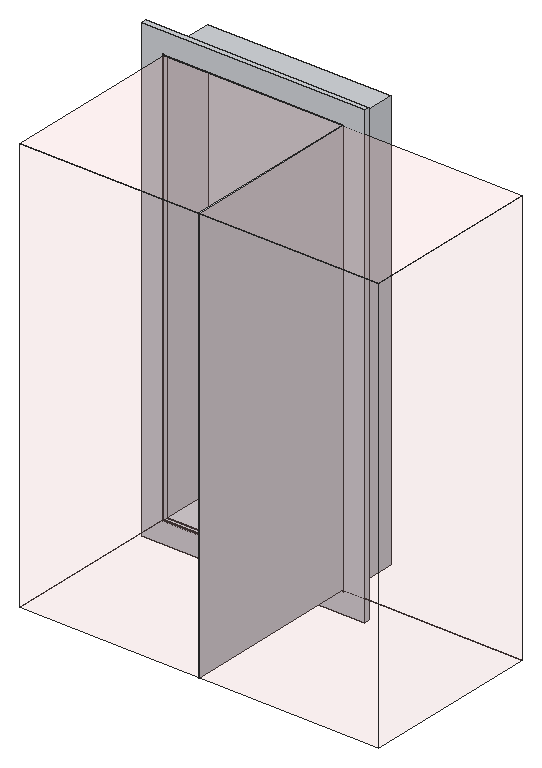
Revit family "Hager-VOLTA-Hollow_wall-IP30-With_Cover-Without_DIN-NoHosted-SE-en", category Electrical Equipment, Revit 2023
Family settings
  Panel Configuration = Two Columns, Circuits Across
  Round Connector Dimension = Use Diameter
  Part Type = Panelboard
  Work Plane-Based = Yes
  Always vertical = Yes
  Cut with Voids When Loaded = No
  Maintain Annotation Orientation = No
  Shared = No
  Room Calculation Point = No
Parameters (values of type "VOLTA-Hollow_wall_W348_H755_D98_12_Modular_Spacing-VH48NW")
  Width Control [instance] = if([HG000006-Flush mounted], if([EF000846 - Built-in width] > min_whd, [EF000846 - Built-in width], min_whd), if([EF000008 - Width] > min_whd, ([EF000008 - Width]), min_whd))  # 314.5 mm
  Void Depth [instance] = if([EF000218 - Built-in depth] > 1 mm, [EF000218 - Built-in depth], 1 mm)  # 89 mm
  Uniformat code = "D501001"
  Uniformat = "Low Tension Service & Dist."
  Référence = ""
  HG000131 - Functional label [instance] = ""
  HG000130 - Functional name [instance] = ""
  HG000099-Onfly Template ID = "507532"
  HG000059-Operating voltage [instance] = 230 V
  ETIM class name = "Small distribution board"
  ETIM class code = "EC000214"
  EF015941 - Signal passing door = no
  EF015777 - Neutral terminal block = no
  EF015776 - Earthing terminal block = no
  EF009212 - Cover model = "With notch"
  EF006306 - With lock = no
  EF006244 - Transparent cover/door = no
  EF005474 - Degree of protection (IP) = "IP30"
  EF004462 - Type of closure = "Other"
  EF002950 - Width in number of modular spacings = 12
  EF001596 - Housing material = ""
  EF001134 - DIN-rail = no
  EF001131 - Inner depth = 0 mm
  EF001088 - Extension possible = yes
  EF001062 - EMC-version = no
  EF000846 - Built-in width = 314.5 mm
  EF000339 - Type of covering = ""
  EF000332 - Built-in height = 720 mm
  EF000266 - Number of rows = 0
  EF000218 - Built-in depth = 89 mm
  EF000118 - With mounting plate = yes
  EF000116 - RAL-number = 9010
  EF000049 - Depth = 98 mm
  EF000040 - Height = 755 mm
  EF000008 - Width = 348 mm
  EF000007 - Colour = "White"
  EF000003 - Mounting method = "Hollow wall"
  EF004464 - Type of door = ""
  EF000024 - UV resistant = no
  Type Comments = ""
  System Height [instance] = Height Control - 2 * [HG000005-Thickness]  # 446 mm
  Reference description = ""
  Reference = "VOLTA-Hollow_wall_W348_H755_D98_12_Modular_Spacing-VH48NW"
  Panel Name [instance] = ""  # (empty or 0)
  Offset [instance] = 0 mm
  Object type = ""
  Name hager = "ADD_Enclosures_EC000214"
  Name BIM&CO = "Electricity"
  Name = "VOLTA-Hollow_wall-IP30-With_Cover-Without_DIN-SE"
  Model = ""
  Level Offset [instance] = [Flush Mounted - Door Frame Width] + Offset  # 50 mm
  HGEF002950-Width in number of modular spacings = 12
  HGEF000266-Number of rows = 0
  HG000060-RAL-number = "9010"
  HG000017-Distance between poles = 18 mm
  HG000016-Door 3D visibility = yes
  HG000015-Clearance visibility = yes
  HG000014-Door on the right = yes
  HG000013-Door on the left = not([HG000014-Door on the right])  # no
  HG000012-Door swing angle = 90.00°
  HG000011-Empty rows from bottom = no
  HG000010-Asymmetric doors = no
  HG000009-Double swing door = no
  HG000008-Number of empty rows = 0
  HG000007-Number of empty columns = 0
  HG000006-Flush mounted = yes
  HG000005-Thickness = 2 mm
  HG000004-Manufacturer reference = "VH48NW"
  HG000003-Range = "VOLTA"
  HG000002-With door or cover = yes
  HG000001-Number of columns = 0
  GTIN (Global Trade Item Number) = ""
  Description = ""
  Default Elevation = 1200 mm
  Creation Date = "12/15/2025 21:48:43"
  Code hager = "ADD-EC000214_EU"
  Code Uniformat = ""
  BIM&CO code = ""
  BC_VARIANT_ID = "1174441"
  BC_OBJECT_VERSION = "#1"  # constant formula
  BC_OBJECT_ID = "513510"  # constant formula
  BC_MODEL_ID = "1547280"  # constant formula
  BC_METADATA = "{\"ObjectGuid\":\"bc35c96e-cb38-443e-833d-0616858cb9ac\",\"ModelGuid\":\"8af03f69-2293-4735-a617-cc53adf55621\",\"VariantGuid\":\"8b6e323b-1b53-409a-a940-11b5a7fc5337\",\"Revision\":\"#4\",\"VariantName\":\"Template-Enclosure_EU-EC000214\"}"
  Arrow Offset [instance] = Depth Control / 8  # 18.75 mm
  Arrow Height [instance] = Depth Control - Arrow Offset  # 131.25 mm
  Host Offset [instance] = if([HG000006-Flush mounted], 0 mm, [EF000049 - Depth])  # 0 mm
  min_whd [instance] = (2 * [HG000005-Thickness]) + 1 mm  # 5 mm
  Manufacturer = "Hager"  # constant formula
  Height Control [instance] = if([HG000006-Flush mounted], if([EF000332 - Built-in height] > min_whd, [EF000332 - Built-in height], min_whd), if([EF000040 - Height] > min_whd, ([EF000040 - Height]), min_whd))  # 720 mm
  Flush Mounted - Door Frame Width [instance] = if(([EF000040 - Height] - [EF000332 - Built-in height]) > 0 mm, if([HG000006-Flush mounted], [EF000040 - Height] - [EF000332 - Built-in height], 0 mm), 0 mm)  # 35 mm
  Depth Control [instance] = if([HG000006-Flush mounted], if([EF000218 - Built-in depth] > 0 mm, [EF000218 - Built-in depth], 1 mm), if([EF000049 - Depth] > 0 mm, ([EF000049 - Depth]), 1 mm))  # 89 mm
Types (6, lengths in mm): name | EF015941 - Signal passing door | EF000332 - Built-in height | EF000040 - Height | Reference | HG000004-Manufacturer reference | BC_VARIANT_ID | Height Control
  VOLTA-Hollow_wall_W348_H630_D98_12_Modular_Spacing-VH36NW | no | 595 | 630 | "VOLTA-Hollow_wall_W348_H630_D98_12_Modular_Spacing-VH36NW" | "VH36NW" | "1174439" | 595
  VOLTA-Hollow_wall_W348_H630_D98_12_Modular_Spacing-VH36WWH | yes | 595 | 630 | "VOLTA-Hollow_wall_W348_H630_D98_12_Modular_Spacing-VH36WWH" | "VH36WWH" | "1174440" | 595
  VOLTA-Hollow_wall_W348_H755_D98_12_Modular_Spacing-VH48NW | no | 720 | 755 | "VOLTA-Hollow_wall_W348_H755_D98_12_Modular_Spacing-VH48NW" | "VH48NW" | "1174441" | 720
  VOLTA-Hollow_wall_W348_H755_D98_12_Modular_Spacing-VH48WWH | yes | 720 | 755 | "VOLTA-Hollow_wall_W348_H755_D98_12_Modular_Spacing-VH48WWH" | "VH48WWH" | "1174442" | 720
  VOLTA-Hollow_wall_W348_H880_D98_12_Modular_Spacing-VH60NW | no | 845 | 880 | "VOLTA-Hollow_wall_W348_H880_D98_12_Modular_Spacing-VH60NW" | "VH60NW" | "1174444" | 845
  VOLTA-Hollow_wall_W348_H880_D98_12_Modular_Spacing-VH60WWH | yes | 845 | 880 | "VOLTA-Hollow_wall_W348_H880_D98_12_Modular_Spacing-VH60WWH" | "VH60WWH" | "1174445" | 845
Reference planes
  plane 1 "Center (Front/Back)": y = 0
  plane 2: z = 0
  plane 3 "Center (Left/Right)": x = 0
  plane 4: y = 37
  plane 5: y = 89
  plane 6: y = 35
  plane 7: z = 0
  plane 8: x = -157.25
  plane 9: x = 157.25
  plane 10: x = 155.25
  plane 11: x = -155.25
  plane 12: z = 50
  plane 13: z = 52
  plane 14: y = 5
  plane 15: y = 0
  plane 16: y = 87
  plane 17: z = 768
  plane 18: z = 770
  plane 19: z = 410
  plane 20: x = 0
  plane 21: y = -100
  plane 22 "Annotation H": y = -300
  plane 23 "Annotation V": x = 357.25
Forms (mm)
  Extrusion 1, solid
    sketch origin (-208.679, -4572, 50) x (-1, 0, 0) y (0, -1, 0)
      loop
        line (-51.429, -4572) -> (-365.929, -4572) -> (-365.929, -4661) -> (-51.429, -4661) -> (-51.429, -4572)
    from 0 to 720 <- "Height Control"
  Extrusion 2, void
    sketch origin (-350.771, 0, 1219.2) x (1, 0, 0) y (0, 0, 1)
      loop
        line (195.521, -451.2) -> (195.521, -1167.2) -> (506.021, -1167.2) -> (506.021, -451.2) -> (195.521, -451.2)
    from 0 to -87
  Extrusion 3, solid, detail levels coarse+medium
    sketch origin (-350.771, 0, 1219.2) x (-1, 0, 0) y (0, 0, 1)
      loop
        line (-195.521, -451.2) -> (-506.021, -451.2) -> (-506.021, -1167.2) -> (-195.521, -1167.2) -> (-195.521, -451.2)
    from 0 to 2 <- "HG000005-Thickness"
Cuts and joins
  Extrusion 2 cuts Extrusion 1
Dimensions and locks
  "Flush Mounted - Door Frame Width": plane 1 "Center (Front/Back)" to plane 6
  "HG000005-Thickness": plane 4 to plane 6
  "HG000005-Thickness": plane 8 to plane 11
  "HG000005-Thickness": plane 9 to plane 10
  equal spacing: plane 8, plane 3 "Center (Left/Right)", plane 9
  "Width Control": plane 8 to plane 9
  locked: plane 14 to plane 15 at 5
  "Host Offset": plane 1 "Center (Front/Back)" to plane 15
  "Depth Control": plane 5 to plane 15
  "HG000005-Thickness": plane 5 to plane 16
  "HG000005-Thickness": plane 13 to plane 12
  "Level Offset": plane 12 to level
  "HG000005-Thickness": plane 18 to plane 17
  "Height Control": plane 18 to plane 12
  "Arrow Offset": plane 5 to nested 4
  equal spacing: plane 18, plane 19, plane 12
  locked: connector elem to plane 19
  locked: connector elem to plane 3 "Center (Left/Right)"
  Extrusion 2 sketch curve to Extrusion 2 sketch curve to plane 9 = 310.5 mm, 2 mm
  locked: plane 9 to plane 23 "Annotation V" at 200
  locked: plane 22 "Annotation H" to plane 1 "Center (Front/Back)" at 300
  aligned and locked: nested 1 to plane 14
  aligned and locked: plane 3 "Center (Left/Right)" to nested 1
  aligned and locked: plane 3 "Center (Left/Right)" to nested 2
  aligned and locked: nested 2 to plane 15
  aligned and locked: plane 5 to Extrusion 1
  aligned and locked: Extrusion 3 sketch curve to plane 17
  aligned and locked: Extrusion 3 sketch curve to plane 11
  aligned and locked: plane 13 to Extrusion 3 sketch curve
  aligned and locked: Extrusion 3 sketch curve to plane 10
  aligned and locked: plane 13 to Extrusion 2 sketch curve
  aligned and locked: Extrusion 2 sketch curve to plane 17
  aligned and locked: plane 16 to Extrusion 2
  aligned and locked: plane 5 to Extrusion 1 sketch curve
  aligned and locked: plane 9 to Extrusion 1 sketch curve
  aligned and locked: plane 8 to Extrusion 1 sketch curve
  aligned and locked: plane 8 to nested 4
  aligned and locked: plane 8 to nested 3
  aligned and locked: nested 3 to plane 5
  aligned and locked: Extrusion 1 sketch curve to plane 15
  aligned and locked: Extrusion 2 to plane 15
  aligned and locked: nested 5 to plane 22 "Annotation H"
  aligned and locked: plane 23 "Annotation V" to nested 5
  aligned and locked: plane 11 to Extrusion 2
  aligned and locked: plane 10 to Extrusion 2
Nested families
  nested 1: "Hager_Enclosure_System" at (0, 5, 52), Flush_Mounted <- "HG000006-Flush mounted", Height <- "System Height", Width_Control <- "Width Control", Row_Module_Multiplicator <- "HGEF002950-Width in number of modular spacings", Empty_Columns <- "HG000007-Number of empty columns", Border <- "HG000005-Thickness", Total_No_Empty_Rows <- "HG000008-Number of empty rows", Depth <- "HG000005-Thickness", Empty_Rows_From_Bottom <- "HG000011-Empty rows from bottom", Distance_Between_Poles <- "HG000017-Distance between poles", Rows_Count <- "HGEF000266-Number of rows", Columns_Count <- "HG000001-Number of columns", Built-in_Width <- "EF000846 - Built-in width", Width <- "EF000008 - Width", type "Hager_Enclosure_System", detail levels medium+fine
    with Width_Control 314.5 mm, Width 348 mm, Total_No_Rows 0, Total_No_Empty_Rows 0, Total_No_Columns 1, System_Width 310.5 mm, Rows_Count 0, Rows_Column 0, Row_Module_Multiplicator 12, Panel_4 no, Panel_3 no, Panel_2 no, Panel_1 no, No_Panels_Ctrl 1, Hide_Columns yes, Height 446 mm, Flush_Mounted yes, Empty_Rows_From_Bottom no, Empty_Rows_Column 0, Empty_Columns 0, Empty column 4 0, Empty column 3 0, Empty column 2 0, Empty column 1 0, Distance_Between_Poles 18 mm, Depth 2 mm, Columns_Count 0, Column_Width 310.5 mm, Built-in_Width 314.5 mm, Border 2 mm
  nested 2: "Hager_Enclosure_Door" at (0, 0, 50), Double <- "HG000009-Double swing door", Height_Ctrl <- "Height Control", Angle <- "HG000012-Door swing angle", Door_Right <- "HG000014-Door on the right", Assymetrical <- "HG000010-Asymmetric doors", Flush_Mounted <- "HG000006-Flush mounted", Door <- "HG000002-With door or cover", Width_Ctrl <- "Width Control", 3d_Door <- "HG000016-Door 3D visibility", Border <- "HG000005-Thickness", Clearance <- "HG000015-Clearance visibility", Door_Left <- "HG000013-Door on the left", BuiltIn_Depth <- "EF000218 - Built-in depth", Depth <- "EF000049 - Depth", BuiltIn_Width <- "EF000846 - Built-in width", Height <- "EF000040 - Height", BuiltIn_Height <- "EF000332 - Built-in height", Width <- "EF000008 - Width", Transparent <- "EF006244 - Transparent cover/door", type "Hager_Enclosure_Door", detail levels medium+fine
    with min_wh 5 mm, Width_Ctrl 314.5 mm, Width 348 mm, Transparent_Door_No_Bottom_Border no, Transparent no, Leaf_Width 307.5 mm, Leaf_Tolerance 1.5 mm, Leaf_Height 713 mm, Leaf_2_Width 307.5 mm, Leaf_2_Offset 153.75 mm, Leaf_1_Width 307.5 mm, Leaf_1_Offset 153.75 mm, Height_Ctrl 720 mm, Height 755 mm, Frame_Width_Ctrl 33.5 mm, Frame_Width 33.5 mm, Frame_Internal_Offset 2 mm, Frame_Height_Ctrl 35 mm, Frame_Height 35 mm, Frame_Depth_Ctrl 9 mm, Frame_Depth 9 mm, Flush_Mounted yes, Double_Clearance_Ctrl no, Double no, Door_Right_Ctrl yes, Door_Right yes, Door_Left_Ctrl no, Door_Left no, Door yes, Depth 98 mm, Clearance_Depth 307.5 mm, Clearance_Ctrl yes, Clearance yes, BuiltIn_Width 314.5 mm, BuiltIn_Height 720 mm, BuiltIn_Depth 89 mm, Border 2 mm, Assymetrical no, Angle 90.00°, 3d_Door yes
  nested 3: "Hager_Enclosure_Symbol_Triangle" at (-157.25, 89, 0), Depth <- "Depth Control", Width <- "Width Control", type "Hager_Enclosure_Symbol_Triangle"
    with Width_Ctrl 314.5 mm, Width 314.5 mm, Depth_Ctrl 89 mm, Depth 89 mm
  nested 4: "Hager_Enclosure_Symbol_Arrow" at (-157.25, 70.25, 0), Height <- "Arrow Height", type "Hager_Enclosure_Symbol_Arrow"
    with Width_Inside 9.844 mm, Width 118.125 mm, Height_Ctrl 131.25 mm, Height 131.25 mm
  nested 5: "Hager_Annotation-HG000130" at (357.25, -300, 0), HG000130 - Functional name <- "HG000130 - Functional name", type "Hager_Annotation-HG000130"
    with HG000130 - Functional name ""
Connectors
  electrical at (0, 89, 410), driven by "HG000059-Operating voltage"
    settings: on plane 5, index 1, voltage 230 V, apparent load 0 VA, apparent load phase1 0 VA, apparent load phase2 0 VA, apparent load phase3 0 VA, power factor 1, load classification "Other", number of poles 1, system type 30, power factor state 1, is connector primary yes, connector utility no, sub classification motor no, connector description ""
Definition of nested family "Hager_Enclosure_Door"
  Parameters (values of type "Hager_Enclosure_Door")
    min_wh [instance] = (2 * Border) + 1 mm  # 11 mm
    Width_Ctrl [instance] = 400 mm
    Width [instance] = 500 mm
    Transparent_Door_No_Bottom_Border [instance] = no
    Transparent [instance] = yes
    Leaf_Width [instance] = if((Width_Ctrl - 2 * Border - 2 * Leaf_Tolerance) > 0 mm, (Width_Ctrl - 2 * Border - 2 * Leaf_Tolerance), min_wh)  # 387 mm
    Leaf_Tolerance [instance] = 1.5 mm  # constant formula
    Leaf_Height [instance] = if((Height_Ctrl - 2 * Border - 2 * Leaf_Tolerance) > 0 mm, (Height_Ctrl - 2 * Border - 2 * Leaf_Tolerance), min_wh)  # 387 mm
    Leaf_2_Width [instance] = if(and(and(Double, Assymetrical), Door_Left), (Leaf_Width / 3) - (Leaf_Tolerance / 2), if(and(and(Double, Assymetrical), Door_Right), (Leaf_Width / 3) * 2 - (Leaf_Tolerance / 2), if(and(Double, not(Assymetrical)), (Leaf_Width / 2) - Leaf_Tolerance, Leaf_Width)))  # 387 mm
    Leaf_2_Offset [instance] = if(and(Double, Assymetrical), Leaf_2_Width / 2, if(and(Double, not(Assymetrical)), Leaf_Width / 4, Leaf_Width / 2))  # 193.5 mm
    Leaf_1_Width [instance] = if(and(and(Double, Assymetrical), Door_Right), (Leaf_Width / 3) - (Leaf_Tolerance / 2), if(and(and(Double, Assymetrical), Door_Left), (Width / 3) * 2 - (Leaf_Tolerance / 2), if(and(Double, not(Assymetrical)), (Leaf_Width / 2) - Leaf_Tolerance, Leaf_Width)))  # 387 mm
    Leaf_1_Offset [instance] = if(and(Double, Assymetrical), Leaf_1_Width / 2, if(and(Double, not(Assymetrical)), Leaf_Width / 4, Leaf_Width / 2))  # 193.5 mm
    Height_Ctrl [instance] = 400 mm
    Height [instance] = 500 mm
    Frame_Width_Ctrl [instance] = if(Frame_Width > 0 mm, Frame_Width, 1 mm)  # 1 mm
    Frame_Width [instance] = Width - BuiltIn_Width  # 0 mm
    Frame_Internal_Offset [instance] = if(Flush_Mounted, Border, 0 mm)  # 5 mm
    Frame_Height_Ctrl [instance] = if(Frame_Height > 0 mm, Frame_Height, 1 mm)  # 1 mm
    Frame_Height [instance] = Height - BuiltIn_Height  # 0 mm
    Frame_Depth_Ctrl [instance] = if(Frame_Depth > 0 mm, Frame_Depth, 1 mm)  # 1 mm
    Frame_Depth [instance] = if(Depth - BuiltIn_Depth > 0 mm, if(Flush_Mounted, Depth - BuiltIn_Depth, 0 mm), 0 mm)  # 0 mm
    Flush_Mounted [instance] = yes
    Double_Clearance_Ctrl [instance] = and(Double, Clearance)  # no
    Double [instance] = no
    Door_Right_Ctrl [instance] = and(or(Door_Right, Double), Door)  # yes
    Door_Right [instance] = yes
    Door_Left_Ctrl [instance] = and(or(Door_Left, Double), Door)  # no
    Door_Left [instance] = no
    Door [instance] = yes
    Depth [instance] = 500 mm
    Default Elevation = 1219.2 mm
    Clearance_Material = none
    Clearance_Depth [instance] = if(Leaf_1_Width > Leaf_2_Width, Leaf_1_Width, Leaf_2_Width)  # 387 mm
    Clearance_Ctrl [instance] = and(not(Double), Clearance)  # yes
    Clearance [instance] = yes
    BuiltIn_Width [instance] = 500 mm
    BuiltIn_Height [instance] = 500 mm
    BuiltIn_Depth [instance] = 500 mm
    Border [instance] = 5 mm
    Assymetrical [instance] = yes
    Angle [instance] = 30.00°
    3d_Door [instance] = yes
  Reference planes
    plane 1 "Center (Front/Back)": y = 0
    plane 2 "Bottom": z = 0
    plane 3 "Center (Left/Right)": x = 0
    plane 4: z = 400
    plane 5: x = -200
    plane 6: x = 200
    plane 7: z = 395
    plane 8: x = -195
    plane 9: z = 5
    plane 10: x = 195
    plane 11: y = 0
    plane 12: z = 6.5
    plane 13: x = -582
    plane 14: y = -387
    plane 15: x = 582
    plane 16: x = 0
    plane 17: x = 0
    plane 18: x = -193.5
    plane 19: x = 193.5
    plane 20: z = 393.5
  Forms (mm)
    Extrusion 1, solid, visible <- "Flush_Mounted"
      sketch origin (0, 0, 0) x (1, 0, 0) y (0, 0, 1)
        loop
          line (195, 5) -> (195, 395) -> (-195, 395) -> (-195, 5) -> (195, 5)
        loop
          line (-201, 401) -> (-201, -1) -> (201, -1) -> (201, 401) -> (-201, 401)
      from 0 to 1 <- "Frame_Depth_Ctrl"
    Extrusion 2, solid, material <- "Clearance_Material", visible <- "Double_Clearance_Ctrl"
      sketch origin (1200, 0, 0) x (1, 0, 0) y (0, 0, -1)
        loop
          line (-1782, -393.5) -> (-618, -393.5) -> (-618, 0) -> (-1782, 0) -> (-1782, -393.5)
      from 0 to -387
  Dimensions and locks
    equal spacing: plane 5, plane 3 "Center (Left/Right)", plane 6
    "Width_Ctrl": plane 5 to plane 6
    "Border": plane 5 to plane 8
    "Border": plane 6 to plane 10
    "Border": plane 9 to level
    "Border": plane 4 to plane 7
    "Height_Ctrl": plane 4 to level
    "Leaf_Tolerance": plane 12 to plane 9
    "Frame_Depth": plane 11 to plane 1 "Center (Front/Back)"
    "Frame_Width_Ctrl": plane 5 to Extrusion 1 sketch curve
    "Frame_Width_Ctrl": plane 6 to Extrusion 1 sketch curve
    "Frame_Width_Ctrl": Extrusion 1 sketch curve to plane 4
    "Frame_Width_Ctrl": plane 2 "Bottom" to Extrusion 1 sketch curve
    "Leaf_1_Offset": plane 18 to plane 16
    "Leaf_2_Offset": plane 17 to plane 19
    "Leaf_1_Width": plane 13 to plane 8
    "Leaf_2_Width": plane 10 to plane 15
    "Clearance_Depth": plane 14 to plane 1 "Center (Front/Back)"
    "Leaf_Tolerance": plane 8 to plane 18
    "Leaf_Tolerance": plane 19 to plane 10
    "Leaf_Tolerance": plane 7 to plane 20
    "Frame_Internal_Offset": plane 5 to Extrusion 1 sketch curve
    "Frame_Internal_Offset": Extrusion 1 sketch curve to plane 2 "Bottom"
    "Frame_Internal_Offset": plane 6 to Extrusion 1 sketch curve
    "Frame_Internal_Offset": plane 4 to Extrusion 1 sketch curve
    aligned and locked: level to plane 2 "Bottom"
    aligned and locked: nested 1 to plane 16
    aligned and locked: nested 2 to plane 17
    aligned and locked: Extrusion 2 to plane 13
    aligned and locked: plane 15 to Extrusion 2
    aligned and locked: Extrusion 2 to plane 14
    aligned and locked: plane 12 to nested 1
    aligned and locked: nested 2 to plane 12
    aligned and locked: Extrusion 2 to plane 11
    aligned and locked: plane 20 to Extrusion 2
    aligned and locked: nested 2 to plane 11
    aligned and locked: nested 1 to plane 11
  Automatic sketch dimensions
    Extrusion 2 sketch curve to level = 0 mm
    plane 5 to Extrusion 2 sketch curve = 382 mm
    plane 6 to Extrusion 2 sketch curve = 382 mm
    Extrusion 2 sketch curve to plane 4 = 6.5 mm
  Nested families
    nested 1: "Hager_Enclosure_Door_Leaf" at (0, 0, 6.5), Width <- "Leaf_1_Width", visible <- "Door_Left_Ctrl", Leaf_Height <- "Leaf_Height", Angle <- "Angle", Depth <- "Border", 3d_Door <- "3d_Door", Transparent <- "Transparent", Clearance Material <- "Clearance_Material", Clearance <- "Clearance_Ctrl", Transparent_Door_No_Bottom_Border <- "Transparent_Door_No_Bottom_Border", type "Hager_Enclosure_Door_Leaf"
      with Width 387 mm, Transparent_Door_No_Bottom_Border no, Transparent_Door_Border_Bottom_Top 25 mm, Transparent_Door_Border 25 mm, Transparent_Ctrl yes, Transparent yes, Standard no, Leaf_Height 387 mm, Glass_Offset 1 mm, Depth 5 mm, Clearance Material none, Clearance yes, Angle_Ctrl 30.00°, Angle 30.00°, 3d_Door yes
    nested 2: "Hager_Enclosure_Door_Leaf" at (0, 0, 6.5) x (-1, 0, 0) z (0, 0, 1), Width <- "Leaf_2_Width", visible <- "Door_Right_Ctrl", Leaf_Height <- "Leaf_Height", Angle <- "Angle", Depth <- "Border", 3d_Door <- "3d_Door", Transparent <- "Transparent", Clearance Material <- "Clearance_Material", Clearance <- "Clearance_Ctrl", Transparent_Door_No_Bottom_Border <- "Transparent_Door_No_Bottom_Border", type "Hager_Enclosure_Door_Leaf"
      with Width 387 mm, Transparent_Door_No_Bottom_Border no, Transparent_Door_Border_Bottom_Top 25 mm, Transparent_Door_Border 25 mm, Transparent_Ctrl yes, Transparent yes, Standard no, Leaf_Height 387 mm, Glass_Offset 1 mm, Depth 5 mm, Clearance Material none, Clearance yes, Angle_Ctrl 30.00°, Angle 30.00°, 3d_Door yes
  Definition of nested family "Hager_Enclosure_Door_Leaf"
    Parameters (values of type "Hager_Enclosure_Door_Leaf")
      Width [instance] = 2000 mm
      Transparent_Door_No_Bottom_Border [instance] = yes
      Transparent_Door_Border_Bottom_Top [instance] = if(Transparent_Door_No_Bottom_Border, 0.1 mm, Transparent_Door_Border)  # 0.1 mm
      Transparent_Door_Border [instance] = if(Transparent_Door_No_Bottom_Border, (Width * 0.12), 25 mm)  # 240 mm
      Transparent_Ctrl [instance] = and(Transparent, [3d_Door])  # yes
      Transparent [instance] = yes
      Standard [instance] = and(not(Transparent), [3d_Door])  # no
      Leaf_Height [instance] = 2720.336 mm
      Glass_Offset [instance] = if((Depth - 10 mm) / 2 > 0 mm, (Depth - 10 mm) / 2, 1 mm)  # 15 mm
      Glass_Material = none
      Depth [instance] = 40 mm
      Default Elevation = 0 mm
      Clearance Material [instance] = none
      Clearance [instance] = yes
      Angle_Ctrl [instance] = if(Angle > 170.00°, 170.00°, Angle)  # 45.00°
      Angle [instance] = 45.00°
      3d_Door [instance] = yes
    Reference planes
      plane 1 "Center (Front/Back)": y = 0
      plane 2: z = 0
      plane 3 "Center (Left/Right)": x = 0
      plane 4: y = 2000
      plane 5: x = -1000
      plane 6: x = 1000
      plane 7: x = -3000
      plane 8: z = 2720.336
      plane 9: z = 0.1
      plane 10: z = 2720.236
      plane 11: x = 760
      plane 12: x = -760
    Forms (mm)
      Extrusion 1, solid, material <- "Clearance Material", visible <- "Clearance"
        sketch origin (0, 0, 0) x (1, 0, 0) y (0, 0, 1)
          loop
            line (-3000, 2720.336) -> (-3000, 0) -> (1000, 0) -> (1000, 2720.336) -> (-3000, 2720.336)
        from 0 to -2000
      Extrusion 2, solid, visible <- "Standard", detail levels medium+fine
        sketch origin (-1000, 0, 0) x (0.707107, 0.707107, 0) y (-0.707107, 0.707107, 0)
          loop
            line (0, -40) -> (2000, -40) -> (2000, 0) -> (0, 0) -> (0, -40)
        from 0 to 2720.336 <- "Leaf_Height"
      Extrusion 3, solid, visible <- "Transparent_Ctrl", detail levels medium+fine
        sketch origin (-1000, 0, 0) x (0.707107, 0.707107, 0) y (-0.707107, 0.707107, 0)
          loop
            line (0, -40) -> (2000, -40) -> (2000, 0) -> (0, 0) -> (0, -40)
        from 0 to 2720.336 <- "Leaf_Height"
      Extrusion 4, void, detail levels medium+fine
        sketch origin (-1000, 0, 0) x (-0.707107, 0.707107, 0) y (0.707107, 0.707107, 0)
          loop
            line (0, 240) -> (0, 1760) -> (-40, 1760) -> (-40, 240) -> (0, 240)
        from -2720.236 to -0.1
      Extrusion 5, solid, material <- "Glass_Material", visible <- "Transparent_Ctrl", detail levels medium+fine
        sketch origin (-1000, 0, 0) x (0.707107, 0.707107, 0) y (-0.707107, 0.707107, 0)
          loop
            line (240, -15) -> (240, -25) -> (1760, -25) -> (1760, -15) -> (240, -15)
        from 0.1 to 2720.236
    Cuts and joins
      Extrusion 4 cuts Extrusion 3
    Lines and regions (mm)
      symbolic lines
        curve 1: line (1000, 0, 0) -> (-3000, 0, 0)
        curve 2: arc (1000, 0, 0) -> (-1000, 2000, 0) -> (-3000, 0, 0) r 2000
        curve 4: line (-1000, 0, 0) -> (414.214, 1414.214, 0)
      reference lines
        curve 3: line (-1000, 0, 0) -> (414.214, 1414.214, 0)
      symbolic lines, detail levels medium+fine
        curve 5: line (414.214, 1414.214, 0) -> (442.498, 1385.929, 0)
        curve 6: line (442.498, 1385.929, 0) -> (-971.716, -28.284, 0)
        curve 7: line (-971.716, -28.284, 0) -> (-1000, 0, 0)
        curve 8: line (-1000, 0, 2720.336) -> (1000, 0, 2720.336)
        curve 9: line (-1000, 0, 0) -> (-1000, 0, 2720.336)
        curve 10: line (1000, 0, 0) -> (-1000, 0, 0)
        curve 11: line (1000, 0, 2720.336) -> (1000, 0, 0)
      symbolic lines, visible <- "Transparent_Ctrl", detail levels medium+fine
        curve 12: line (-760, 0, 2720.236) -> (760, 0, 2720.236)
        curve 13: line (-760, 0, 0.1) -> (-760, 0, 2720.236)
        curve 14: line (760, 0, 0.1) -> (-760, 0, 0.1)
        curve 15: line (760, 0, 2720.236) -> (760, 0, 0.1)
    Dimensions and locks
      "Width": plane 1 "Center (Front/Back)" to plane 4
      equal spacing: plane 5, plane 3 "Center (Left/Right)", plane 6
      "Width": plane 5 to plane 6
      "Width": plane 7 to plane 5
      "Leaf_Height": plane 8 to level
      "Depth": curve 6 to curve 3
      "Width": curve 5 to curve 3
      "Width": curve 3 to curve 3
      "Transparent_Door_Border": Extrusion 4 sketch curve to curve 7
      "Transparent_Door_Border": Extrusion 4 sketch curve to curve 5
      "Transparent_Door_Border_Bottom_Top": plane 8 to plane 10
      "Transparent_Door_Border_Bottom_Top": plane 9 to level
      "Glass_Offset": Extrusion 5 sketch curve to curve 4
      "Glass_Offset": Extrusion 5 sketch curve to curve 6
      "Transparent_Door_Border": Extrusion 5 sketch curve to curve 5
      "Transparent_Door_Border": Extrusion 5 sketch curve to curve 7
      "Transparent_Door_Border": plane 12 to plane 5
      "Transparent_Door_Border": plane 6 to plane 11
      "Angle_Ctrl": angle plane 1 "Center (Front/Back)" to curve 3
      aligned and locked: level to plane 2
      aligned and locked: Extrusion 1 to curve 1
      aligned and locked: plane 6 to Extrusion 1
      aligned and locked: Extrusion 1 to plane 1 "Center (Front/Back)"
      aligned and locked: plane 4 to Extrusion 1
      aligned and locked: plane 8 to Extrusion 1
      aligned and locked: curve 4 to curve 3
      aligned and locked: Extrusion 2 sketch curve to curve 7
      aligned and locked: Extrusion 2 sketch curve to curve 6
      aligned and locked: Extrusion 2 sketch curve to curve 5
      aligned and locked: Extrusion 2 sketch curve to curve 3
      aligned and locked: curve 7 to Extrusion 3 sketch curve
      aligned and locked: Extrusion 3 sketch curve to curve 4
      aligned and locked: Extrusion 3 sketch curve to curve 6
      aligned and locked: Extrusion 3 sketch curve to curve 5
      aligned and locked: curve 4 to Extrusion 4 sketch curve
      aligned and locked: curve 6 to Extrusion 4 sketch curve
      aligned and locked: Extrusion 4 to plane 9
      aligned and locked: Extrusion 4 to plane 10
      aligned and locked: Extrusion 5 to plane 9
      aligned and locked: Extrusion 5 to plane 10
      aligned and locked: curve 8 to plane 8
      aligned and locked: plane 5 to curve 9
      aligned and locked: plane 2 to curve 10
      aligned and locked: curve 11 to plane 6
      aligned and locked: plane 10 to curve 12
      aligned and locked: plane 12 to curve 13
      aligned and locked: curve 14 to plane 9
      aligned and locked: plane 11 to curve 15
    Automatic sketch dimensions
      plane 1 "Center (Front/Back)" to curve 2 = 0 mm
      curve 2 to plane 5 = 0 mm
      Extrusion 1 sketch curve to level = 0 mm
      Extrusion 1 sketch curve to plane 7 = 0 mm
      Extrusion 1 sketch curve to plane 6 = 0 mm
      Extrusion 1 sketch curve to plane 8 = 0 mm
      plane 1 "Center (Front/Back)" to curve 3 = 0 mm
      curve 3 to plane 5 = 0 mm
      curve 7 to curve 3 = 0 mm
Definition of nested family "Hager_Enclosure_Symbol_Triangle"
  Parameters (values of type "Hager_Enclosure_Symbol_Triangle")
    Width_Ctrl [instance] = if(Width > 1 mm, Width, 1 mm)  # 498 mm
    Width [instance] = 498 mm
    Depth_Ctrl [instance] = if(Depth > 1 mm, Depth, 1 mm)  # 72 mm
    Depth [instance] = 72 mm
  Reference planes
    plane 1 "Centre (avant/arrière)": y = 0
    plane 2: z = 0
    plane 3 "Centre (gauche/droite)": x = 0
  Lines and regions (mm)
    Filled region 1, type "Solid_Black", in view "Niveau de réf."
      outline origin (0, 0, 0) x (1, 0, 0) y (0, 1, 0)
        loop
          line (0, 0) -> (498, 0) -> (498, 72) -> (0, 0)
    reference lines, in view "Niveau de réf."
      curve 1: line (-206.153, 72, 0) -> (1083.258, 72, 0)
      curve 2: line (498, 405.456, 0) -> (498, -517.619, 0)
  Dimensions and locks
    "Depth_Ctrl": plane 1 "Centre (avant/arrière)" to curve 1
    "Width_Ctrl": plane 3 "Centre (gauche/droite)" to curve 2
    aligned and locked: curve 1 to Filled region 1 sketch curve
    aligned and locked: Filled region 1 sketch curve to plane 1 "Centre (avant/arrière)"
    aligned and locked: curve 2 to Filled region 1 sketch curve
    aligned and locked: plane 3 "Centre (gauche/droite)" to Filled region 1 sketch curve
    aligned and locked: plane 1 "Centre (avant/arrière)" to Filled region 1 sketch curve
  Automatic sketch dimensions
    curve 1 to plane 3 "Centre (gauche/droite)" = 206.153 mm
    curve 2 to curve 1 = 585.258 mm
    plane 1 "Centre (avant/arrière)" to curve 2 = 517.619 mm
    curve 2 to plane 1 "Centre (avant/arrière)" = 405.456 mm
Definition of nested family "Hager_Enclosure_Symbol_Arrow"
  Parameters (values of type "Hager_Enclosure_Symbol_Arrow")
    Width_Inside [instance] = if(Width / 12 > 2 mm, Width / 12, 2 mm)  # 4.987 mm
    Width [instance] = if(Height_Ctrl * 0.9 > 2 mm, Height_Ctrl * 0.9, 2 mm)  # 59.85 mm
    Height_Ctrl [instance] = if(Height > 2 mm, Height, 2 mm)  # 66.5 mm
    Height [instance] = 66.5 mm
  Reference planes
    plane 1 "Centre (avant/arrière)": y = 0
    plane 2: z = 0
    plane 3 "Centre (gauche/droite)": x = 0
    plane 4: x = 59.85
    plane 5: y = 28.263
    plane 6: y = 38.238
    plane 7: y = 66.5
    plane 8: x = 29.925
    plane 9: y = 33.25
  Lines and regions (mm)
    Filled region 1, type "Solid_Black", in view "Niveau de réf."
      outline origin (0, 0, 0) x (1, 0, 0) y (0, 1, 0)
        loop
          line (59.85, 66.5) -> (37.929, 52.827) -> (51.846, 41.935) -> (59.85, 66.5)
    detail lines, in view "Niveau de réf."
      curve 1: line (0, 0, 0) -> (29.925, 38.238, 0)
      curve 2: line (29.925, 38.238, 0) -> (29.925, 28.263, 0)
      curve 3: line (29.925, 28.263, 0) -> (59.85, 66.5, 0)
  Dimensions and locks
    "Width": plane 3 "Centre (gauche/droite)" to plane 4
    "Height_Ctrl": plane 7 to plane 1 "Centre (avant/arrière)"
    equal spacing: plane 3 "Centre (gauche/droite)", plane 8, plane 4
    equal spacing: plane 7, plane 9, plane 1 "Centre (avant/arrière)"
    equal spacing: plane 6, plane 9, plane 5
    "Width_Inside": plane 6 to plane 9
    equal spacing: curve 3, Filled region 1 sketch curve, Filled region 1 sketch curve
    angle Filled region 1 sketch curve to curve 3 = 20.00°
    angle curve 3 to Filled region 1 sketch curve = 20.00°
    locked: curve 3 to Filled region 1 sketch curve (angle 90.00°)
  Automatic sketch dimensions
    plane 1 "Centre (avant/arrière)" to curve 1 = 0 mm
    curve 1 to plane 3 "Centre (gauche/droite)" = 0 mm
    curve 2 to plane 6 = 0 mm
    curve 3 to plane 8 = 0 mm
    curve 3 to plane 4 = 0 mm
    curve 2 to plane 5 = 0 mm
    curve 3 to plane 7 = 0 mm
    Filled region 1 sketch curve to plane 4 = 0 mm
    Filled region 1 sketch curve to plane 7 = 0 mm
Definition of nested family "Hager_Annotation-HG000130"
  Parameters (values of type "Hager_Annotation-HG000130")
    HG000130 - Functional name [instance] = ""
  Reference planes
    plane 1: y = 0
    plane 2: x = 0
  Lines and regions (mm)
    detail lines
      curve 1: line (-27.5, 10, 0) -> (27.5, 10, 0)
      curve 2: line (-27.5, -10, 0) -> (-27.5, 10, 0)
      curve 3: line (27.5, -10, 0) -> (-27.5, -10, 0)
      curve 4: line (27.5, 10, 0) -> (27.5, -10, 0)
  Text (mm)
    label "HG000130 - Functional name" at (0.16, 0.026, 0), shows "HG000130 - Functional name"
